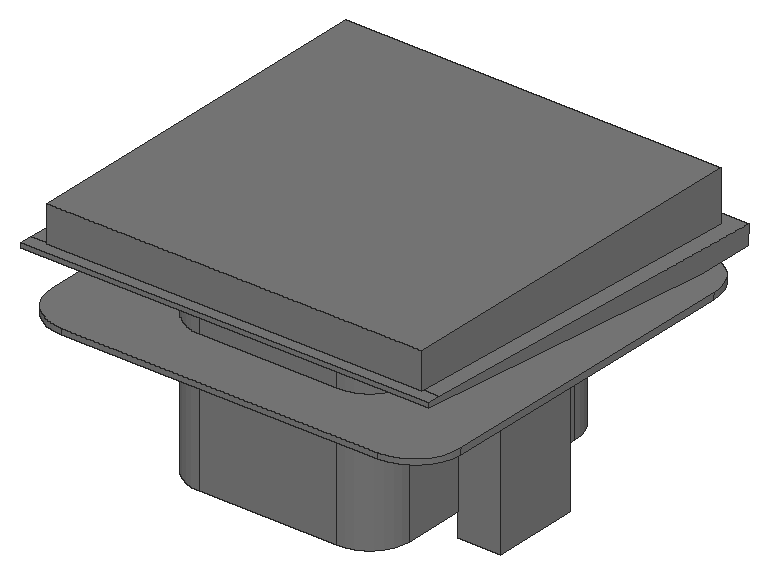
Revit family "Gira_126066", category Electrical Fixtures, host Face, Revit 2017
Family settings
  Host = Face
  Maintain Annotation Orientation = Yes
  Round Connector Dimension = Use Diameter
  Part Type = Normal
  Cut with Voids When Loaded = No
  Shared = No
  Room Calculation Point = No
Parameters (values of type "Türstation 1f UP Gira TX_44 (WG UP) Reinweiß")
  URL = "http://katalog.gira.de/de_DE/datenblatt.html?artikelnr=126066"
  Schutz gegen Vandalismus = "Yes"
  Region = "DE"
  Name = "Türstation 1f UP Gira TX_44 (WG UP) Reinweiß"
  Montageart = "unter Putz"
  Modulare Bauweise = "Yes"
  Mit Kamera = "No"
  Mit Infoschild = "Yes"
  Mit Abdeckung = "Yes"
  Manufacturer URL = "https://www.gira.de/"
  Keynote = "TX44_Komplettgerät_Schalten und Tasten"
  Installationstechnik = "Bus-System"
  HeinzeBIM = "https://bimportal.heinze.de/bim/tuerstation-1f-up-gira-tx-44-wg-up-reinweiss/ecf9f7e6b4c6ff017edecf7f297debaa6bf575ae"
  HAN = "126066"
  GTIN = "4010337260660"
  Farbe = "weiß"
  Default Elevation = 1219.2 mm
  Data sheet (1) = "https://katalog.gira.de/de_DE/download.html?artikelnr=126066"
  Category = "Türstation für Türkommunikation"
  Available = "Yes"
  Anzahl der Ruftasten = "1 "
Reference planes
  plane 1 "Center (Front/Back)": y = 0
  plane 2 "Reference Level 0": z = 0
  plane 3 "Center (Left/Right)": x = 0
  plane 4: z = -28.6
Forms (mm)
  Extrusion 1, solid, material "Default", detail levels fine
    sketch origin (0, 0, 0) x (1, 0, 0) y (0, 1, 0)
      loop
        line (-32.604, 32.5) -> (-32.604, -32.5) -> (32.735, -32.5) -> (32.735, 32.5) -> (-32.604, 32.5)
    from 0 to 12.3
  Extrusion 2, solid, material "Default", detail levels fine
    sketch origin (0, 0, 0) x (0, 1, 0) y (0, 0, 1)
      loop
        line (35, 3.483) -> (-32.2, 6) -> (-34.55, 6) -> (-34.536, 5.199) -> (24.886, 0) -> (34.939, 0) -> (35, 3.483)
    from -35.5 to 35.5
  Extrusion 3, void
    sketch origin (0, 0, 0) x (0, 1, 0) y (0, 0, 1)
      loop
        line (42.419, 3.205) -> (-32.2, 6) -> (-42.193, 6) -> (-42.193, -11.826) -> (42.419, -11.826) -> (42.419, 3.205)
    from -64.194 to 61.264
  Extrusion 4, solid, material "Default", detail levels fine
    sketch origin (0, 0, 0) x (1, 0, 0) y (0, 1, 0)
      loop
        arc (35.5, 27.5) -> (33.157, 33.157) -> (27.5, 35.5) r 8
        line (27.5, 35.5) -> (-27.5, 35.5)
        arc (-27.5, 35.5) -> (-33.157, 33.157) -> (-35.5, 27.5) r 8
        line (-35.5, 27.5) -> (-35.5, -27.5)
        arc (-35.5, -27.5) -> (-33.157, -33.157) -> (-27.5, -35.5) r 8
        line (-27.5, -35.5) -> (27.5, -35.5)
        arc (27.5, -35.5) -> (33.157, -33.157) -> (35.5, -27.5) r 8
        line (35.5, -27.5) -> (35.5, 27.5)
    from -4.1 to -5.1
  Extrusion 5, solid, material "Default", detail levels fine
    sketch origin (0, 0, 0) x (1, 0, 0) y (0, 1, 0)
      loop
        arc (-12, 25) -> (-16.95, 22.95) -> (-19, 18) r 7
        line (-19, 18) -> (-19, -18)
        arc (-19, -18) -> (-16.95, -22.95) -> (-12, -25) r 7
        line (-12, -25) -> (12, -25)
        arc (12, -25) -> (16.95, -22.95) -> (19, -18) r 7
        line (19, -18) -> (19, 18)
        arc (19, 18) -> (16.95, 22.95) -> (12, 25) r 7
        line (12, 25) -> (-12, 25)
    from 4.692 to -28.6
  Extrusion 6, solid, material "Default", detail levels fine
    sketch origin (0, 0, 0) x (1, 0, 0) y (0, 1, 0)
      loop
        line (-26.5, -7.5) -> (-19, -7.5) -> (-19, 7.5) -> (-26.5, 7.5) -> (-26.5, -7.5)
    from -5.1 to -32.6
  Extrusion 7, solid, material "Default", detail levels fine
    sketch origin (0, 0, 0) x (-1, 0, 0) y (0, -1, 0)
      loop
        line (-26.5, 7.5) -> (-26.5, -7.5) -> (-19, -7.5) -> (-19, 7.5) -> (-26.5, 7.5)
    from -5.1 to -32.6
  Extrusion 8, solid, material "Default", detail levels medium
    sketch origin (0, 0, 0) x (1, 0, 0) y (0, 1, 0)
      loop
        line (-32.604, 32.5) -> (-32.604, -32.5) -> (32.735, -32.5) -> (32.735, 32.5) -> (-32.604, 32.5)
    from 0 to 12.3
  Extrusion 9, solid, material "Default", detail levels medium
    sketch origin (0, 0, 0) x (0, 1, 0) y (0, 0, 1)
      loop
        line (35, 3.483) -> (-32.2, 6) -> (-34.55, 6) -> (-34.445, 0) -> (34.939, 0) -> (35, 3.483)
    from -35.5 to 35.5
  Extrusion 10, solid, material "Default", detail levels medium
    sketch origin (0, 0, 0) x (1, 0, 0) y (0, 1, 0)
      loop
        line (-26.5, 25) -> (-26.5, -25) -> (26.5, -25) -> (26.5, 25) -> (-26.5, 25)
    from 4.692 to -32.6
  Extrusion 11, solid, material "Default", detail levels medium
    sketch origin (0, 0, 0) x (1, 0, 0) y (0, 1, 0)
      loop
        line (35.5, 35.5) -> (-35.5, 35.5) -> (-35.5, -35.5) -> (35.5, -35.5) -> (35.5, 35.5)
    from -4.1 to -5.1
  Extrusion 12, solid, material "Default", detail levels coarse
    sketch origin (0, 0, 0) x (1, 0, 0) y (0, 1, 0)
      loop
        line (35.5, 35.5) -> (-35.5, 35.5) -> (-35.5, -35.5) -> (35.5, -35.5) -> (35.5, 35.5)
    from -32.6 to 12.3
Cuts and joins
  Extrusion 3 cuts Extrusion 1
  joined: Extrusion 1, Extrusion 2, Extrusion 4, Extrusion 5, Extrusion 6, Extrusion 7
Dimensions and locks
  Extrusion 12 to Extrusion 12 = 44.9 mm
  aligned and locked: plane 2 "Reference Level 0" to host face
  aligned and locked: level to host face
  aligned and locked: plane 3 "Center (Left/Right)" to nested 1
  aligned and locked: plane 1 "Center (Front/Back)" to nested 1
Nested families
  nested 1: "Schalter" at (0, 0, 0), type "Schalter"
Connectors
  electrical at (0, 0, -32.6)
    settings: on Extrusion 12, index 1, voltage 220 V, apparent load 0 VA, apparent load phase1 0 VA, apparent load phase2 0 VA, apparent load phase3 0 VA, power factor 1, load classification "Other", number of poles 1, system type 30, power factor state 1, is connector primary yes, connector utility no, sub classification motor no, connector description ""
Definition of nested family "Schalter"
  Reference planes
    plane 1: y = 0
    plane 2: x = 0
  Lines and regions (mm)
    detail lines
      curve 1: circle (1.375, 2.778, 0) r 0.8 normal (0, 0, 1)
      curve 2: line (1.021, 2.061, 0) -> (0, 0, 0)
      curve 3: line (0, 0, 0) -> (-0.538, 0.266, 0)
  Dimensions and locks
    curve 2 to curve 2 = 2.3 mm
    curve 3 to curve 2 = 0.6 mm
    radius of curve 1 = 0.8 mm
